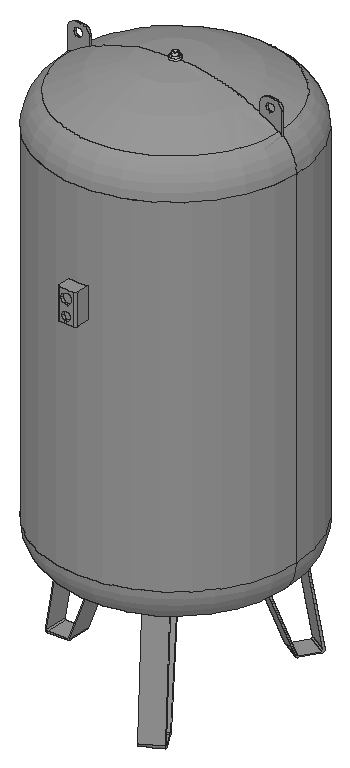
Revit family "WAV 2000", category Оборудование, Revit 2014
Parameters
  Описание = "Мембранный бак для водоснабжения V=2000л, Py=10бар, 2\""
  Материал = Синяя краска
  Масса кг = "375"
  Комментарии к типоразмеру = "WAV 2000"
  Изготовитель = "WESTER"  # constant formula
  URL = "http://www.wester.su/"
Reference planes
  plane 1 "По центру (Вперед/Назад)": y = 0
  plane 2: z = 0
  plane 3 "По центру (Влево/Вправо)": x = 0
Forms (mm)
  Revolve 1, solid, material "Синяя краска" <- "Материал"
    sketch origin (161.5, 0, 805.958) x (0, 0, 1) y (-1, 0, 0)
      loop
        line (-432.958, 161.5) -> (1694.042, 161.5)
        arc (1694.042, 161.5) -> (1659.541, 406.774) -> (1557.667, 632.542) r 874.665
        arc (1557.667, 632.542) -> (1496.023, 690.465) -> (1414.094, 711.51) r 169.999
        line (1414.094, 711.51) -> (-165.755, 711.51)
        arc (-165.755, 711.51) -> (-247.639, 690.463) -> (-309.226, 632.54) r 169.813
        arc (-309.226, 632.54) -> (-386.922, 478.121) -> (-432.958, 311.5) r 880.708
        line (-432.958, 311.5) -> (-432.958, 161.5)
      axis (-432.958, 161.5) -> (1694.042, 161.5)
    angle from 0 to 360
  Revolve 2, solid, material "Синяя краска" <- "Материал"
    sketch origin (0, 0, 609.559) x (-1, 0, 0) y (0, 0, -1)
      loop
        line (0, 236.559) -> (150, 236.559) -> (150, 256.512) -> (129.063, 256.512) -> (129.063, 264.574) -> (150, 264.574) -> (150, 274.559) -> (33.717, 274.559) -> (33.717, 324.559) -> (28.412, 324.559) -> (28.412, 274.516) -> (0, 274.516) -> (0, 236.559)
      axis (0, 324.559) -> (0, 236.559)
    angle from 0 to 360
  Revolve 3, solid
    sketch origin (0, 0, 1848.511) x (1, 0, 0) y (0, 0, 1)
      loop
        line (-13.204, 674.49) -> (-13.204, 663) -> (-18.475, 663) -> (-18.475, 656.503) -> (-23.985, 656.503) -> (-23.985, 651.489) -> (0, 651.489) -> (0, 653.751) -> (-7.729, 653.751) -> (-9.298, 655.32) -> (-9.298, 676.489) -> (-11.205, 676.489) -> (-13.204, 674.49)
      axis (0, 676.489) -> (0, 651.489)
    angle from 0 to 360
  Extrusion 4, solid, material "Синяя краска" <- "Материал"
    sketch origin (0, -96.875, 0) x (1, 0, 0) y (0, 1, 0)
      loop
        line (42.5, -508.664) -> (42.5, -446.792) -> (-42.5, -446.792) -> (-42.5, -508.664)
        arc (-42.5, -508.664) -> (-39.571, -515.735) -> (-32.5, -518.664) r 10
        line (-32.5, -518.664) -> (32.5, -518.664)
        arc (32.5, -518.664) -> (39.571, -515.735) -> (42.5, -508.664) r 10
    from 1690 to 1828
  Extrusion 5, void
    sketch origin (0, 0, 650) x (1, 0, 0) y (0, 0, 1)
      loop
        circle (0, 1139.927) r 25
      loop
        circle (0, 1069.302) r 20
    from 605 to 615.484
  Extrusion 6, solid, material "Синяя краска" <- "Материал"
    sketch origin (0, 0, 0) x (1, 0, 0) y (0, 0, 1)
      loop
        line (-283.491, 408.537) -> (-289.094, 410.684) -> (-442.65, 9.854)
        arc (-442.65, 9.854) -> (-444.853, 7.056) -> (-448.253, 6) r 6
        line (-448.253, 6) -> (-535.754, 6)
        arc (-535.754, 6) -> (-540.35, 8.143) -> (-541.667, 13.019) r 6
        line (-541.667, 13.019) -> (-459.237, 491.122) -> (-464.739, 494.523) -> (-547.58, 14.039)
        arc (-547.58, 14.039) -> (-544.932, 4.269) -> (-535.754, 0) r 12
        line (-535.754, 0) -> (-448.253, 0)
        arc (-448.253, 0) -> (-441.453, 2.113) -> (-437.047, 7.707) r 12
        line (-437.047, 7.707) -> (-283.491, 408.537)
    from -50 to 50
  Extrusion 7, solid, material "Синяя краска" <- "Материал"
    sketch origin (0, 0, 0) x (1, 0, 0) y (0, 0, 1)
      loop
        line (385, 2350) -> (485, 2350) -> (485, 2450)
        arc (485, 2450) -> (473.284, 2478.284) -> (445, 2490) r 40
        line (445, 2490) -> (425, 2490)
        arc (425, 2490) -> (396.716, 2478.284) -> (385, 2450) r 40
        line (385, 2450) -> (385, 2350)
      loop
        circle (434.904, 2450) r 20
      loop
        line (-385, 2350) -> (-385, 2450)
        arc (-385, 2450) -> (-396.716, 2478.284) -> (-425, 2490) r 40
        line (-425, 2490) -> (-445, 2490)
        arc (-445, 2490) -> (-473.284, 2478.284) -> (-485, 2450) r 40
        line (-485, 2450) -> (-485, 2350) -> (-385, 2350)
      loop
        circle (-434.904, 2450) r 20
    from -3.5 to 3.5
  Extrusion 8, solid, material "Синяя краска" <- "Материал"
    sketch origin (-0.007, 0.037, 0) x (-0.5, -0.866025, 0) y (0, 0, 1)
      loop
        line (-283.491, 408.537) -> (-289.094, 410.684) -> (-442.65, 9.854)
        arc (-442.65, 9.854) -> (-444.853, 7.056) -> (-448.253, 6) r 6
        line (-448.253, 6) -> (-535.754, 6)
        arc (-535.754, 6) -> (-540.35, 8.143) -> (-541.667, 13.019) r 6
        line (-541.667, 13.019) -> (-459.237, 491.122) -> (-464.739, 494.523) -> (-547.58, 14.039)
        arc (-547.58, 14.039) -> (-544.932, 4.269) -> (-535.754, 0) r 12
        line (-535.754, 0) -> (-448.253, 0)
        arc (-448.253, 0) -> (-441.453, 2.113) -> (-437.047, 7.707) r 12
        line (-437.047, 7.707) -> (-283.491, 408.537)
    from -50 to 50
  Extrusion 9, solid, material "Синяя краска" <- "Материал"
    sketch origin (-0.008, 0.002, 0) x (-0.5, 0.866025, 0) y (0, 0, 1)
      loop
        line (-283.491, 408.537) -> (-289.094, 410.684) -> (-442.65, 9.854)
        arc (-442.65, 9.854) -> (-444.853, 7.056) -> (-448.253, 6) r 6
        line (-448.253, 6) -> (-535.754, 6)
        arc (-535.754, 6) -> (-540.35, 8.143) -> (-541.667, 13.019) r 6
        line (-541.667, 13.019) -> (-459.237, 491.122) -> (-464.739, 494.523) -> (-547.58, 14.039)
        arc (-547.58, 14.039) -> (-544.932, 4.269) -> (-535.754, 0) r 12
        line (-535.754, 0) -> (-448.253, 0)
        arc (-448.253, 0) -> (-441.453, 2.113) -> (-437.047, 7.707) r 12
        line (-437.047, 7.707) -> (-283.491, 408.537)
    from -50 to 50
Cuts and joins
  Extrusion 5 cuts Extrusion 4
  joined: Revolve 1, Extrusion 4, Extrusion 7
Dimensions and locks
  aligned and locked: level to plane 2
Nested families
  nested 1: "Болт" at (0, -136.109, 335) x (0, 1, 0) z (0, 0, -1), type "Болт"
  nested 2: "Болт" at (-96.296, -96.14, 335) x (-0.2588, 0.9659, 0) z (0, 0, -1), type "Болт"
  nested 3: "Болт" at (-136.094, 0, 335) x (1, 0, 0) z (0, 0, -1), type "Болт"
  nested 4: "Болт" at (96.149, 96.195, 335) x (-0.2588, 0.9659, 0) z (0, 0, -1), type "Болт"
  nested 5: "Болт" at (-96.187, 96.221, 335) x (0.2588, 0.9659, 0) z (0, 0, -1), type "Болт"
  nested 6: "Болт" at (96.287, -96.207, 335) x (0.9659, 0.2588, 0) z (0, 0, -1), type "Болт"
  nested 7: "Болт" at (136.094, 0, 335) x (-1, 0, 0) z (0, 0, -1), type "Болт"
  nested 8: "Болт" at (0, 136.109, 335) x (0, -1, 0) z (0, 0, -1), type "Болт"
Connectors
  piping at (0, 0, 285), diameter 50
    settings: on Revolve 2, index 1, connector inside diameter 609.6 mm, connector length 0 mm, flow factor 0, pipe flow 0.0 L/s, pressure drop 0.0 Pa, fitting loss kfactor 0, connector angle 0.00°, fixture units 0, engagement length 0 mm, angle of deflection 0.00°, flow configuration 1, flow direction 0, fitting loss method 0, system type 29, joint type 0, gender type 0, connector reference index -1, connector utility 0, adjustable connector no, is connector primary yes, connector description ""
Definition of nested family "Болт"
  Parameters (values of type "Болт")
    Default Elevation = 1219.2 mm
    L [instance] = 30 mm
  Reference planes
    plane 1 "По центру (Вперед/Назад)": y = 0
    plane 2: z = 0
    plane 3 "По центру (Влево/Вправо)": x = 0
    plane 4: z = -30
  Forms (mm)
    Extrusion 1, solid
      sketch origin (0, 0, 0) x (1, 0, 0) y (0, 1, 0)
        loop
          line (-1219.2, 1219.2) -> (-1219.2, -1219.2) -> (1219.2, -1219.2) -> (1219.2, 1219.2) -> (-1219.2, 1219.2)
      from 0 to -304.8
    Extrusion 2, solid, detail levels medium+fine
      sketch origin (0, 0, 0) x (0, 1, 0) y (-1, 0, 0)
        loop
          line (-6.5, -3.753) -> (0, -7.506) -> (6.5, -3.753) -> (6.5, 3.753) -> (0, 7.506) -> (-6.5, 3.753) -> (-6.5, -3.753)
      from 0 to 5.3
    Extrusion 3, solid, detail levels medium+fine
      sketch origin (0, 0, 0) x (1, 0, 0) y (0, 1, 0)
        loop
          circle (0, 0) r 4
      from -30 to 0
    Revolve 4, void
      sketch origin (0, 0, 0) x (1, 0, 0) y (0, 0, 1)
        loop
          line (-7.506, 4.447) -> (-6.413, 5.3) -> (-7.506, 5.3) -> (-7.506, 4.447)
        axis (0, 5.3) -> (0, 4.3)
      angle from 0 to 360
    Revolve 5, void
      sketch origin (0, 0, -51.56) x (1, 0, 0) y (0, 0, 1)
        loop
          line (-4, 21.56) -> (-2.365, 21.56) -> (-4, 23.195) -> (-4, 21.56)
        axis (0, 23.195) -> (0, 21.56)
      angle from 0 to 360
  Cuts and joins
    Revolve 4 cuts Extrusion 2
    Revolve 5 cuts Extrusion 3
    joined: Extrusion 2, Extrusion 3
  Dimensions and locks
    Extrusion 1 to cut or joined group of Extrusion 2, Extrusion 3, Revolve 4, Revolve 5 = 30 mm
    "L": level to plane 4
    locked: Revolve 5 sketch curve to plane 4 at 1.635
    aligned and locked: plane 2 to Extrusion 1
    aligned and locked: level to Extrusion 1
    aligned and locked: Revolve 4 sketch curve to plane 3 "По центру (Влево/Вправо)"
    aligned and locked: cut or joined group of Extrusion 2, Extrusion 3, Revolve 4, Revolve 5 to Revolve 4 sketch curve
    aligned and locked: Extrusion 3 to plane 4
    aligned and locked: cut or joined group of Extrusion 2, Extrusion 3, Revolve 4, Revolve 5 to plane 4
  Automatic sketch dimensions
    Extrusion 1 sketch curve to Extrusion 1 sketch curve = 2438.4 mm  (x2)
    plane 1 "По центру (Вперед/Назад)" to Extrusion 2 sketch curve = 0 mm  (x2)
    plane 1 "По центру (Вперед/Назад)" to Extrusion 2 sketch curve = 6.5 mm
    Extrusion 2 sketch curve to plane 1 "По центру (Вперед/Назад)" = 6.5 mm
    plane 3 "По центру (Влево/Вправо)" to Extrusion 2 sketch curve = 7.506 mm
    plane 3 "По центру (Влево/Вправо)" to Extrusion 2 sketch curve = 3.753 mm  (x2)
    Extrusion 2 sketch curve to plane 3 "По центру (Влево/Вправо)" = 3.753 mm  (x2)
    Extrusion 2 sketch curve to plane 3 "По центру (Влево/Вправо)" = 7.506 mm
    plane 1 "По центру (Вперед/Назад)" to Extrusion 3 sketch curve = 0 mm
    Extrusion 3 sketch curve to plane 3 "По центру (Влево/Вправо)" = 0 mm
    Revolve 4 sketch curve to plane 3 "По центру (Влево/Вправо)" = 6.413 mm
    Revolve 4 sketch curve to Revolve 4 sketch curve = 1.092 mm
    Revolve 4 sketch curve to Revolve 4 sketch curve = 0.853 mm
    Revolve 4 sketch curve to plane 4 = 544.04 mm
    Revolve 4 sketch curve to Revolve 4 sketch curve = 2603.758 mm
    plane 3 "По центру (Влево/Вправо)" to Revolve 5 sketch curve = 0 mm
    Revolve 5 sketch curve to plane 3 "По центру (Влево/Вправо)" = 2.365 mm
    Revolve 5 sketch curve to Revolve 5 sketch curve = 1.635 mm  (x2)
    Revolve 5 sketch curve to plane 4 = 595.6 mm
    level to Revolve 5 sketch curve = 2557.498 mm
    radius of Extrusion 3 sketch curve = 4 mm
